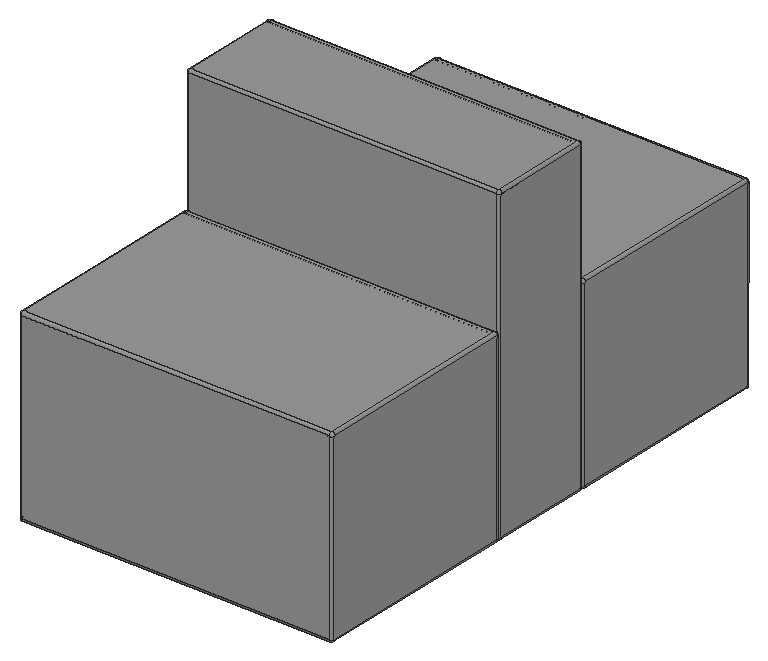
Revit family "TS1023 Elevate Wind Two Sided 1.5 Chair", category Generic Models, Revit 2018
Family settings
  Can host rebar = No
  Round Connector Dimension = Use Diameter
  Part Type = Normal
  Work Plane-Based = No
  Always vertical = Yes
  Cut with Voids When Loaded = No
  Shared = No
  Room Calculation Point = No
Parameters
  Seat Fabric = TS1023 Two Sided Lounge 1.5 Seat Fabric
  Back Fabric = TS1023 Two Sided Louge 1.5 Back Fabric
Reference planes (in)
  plane 1 "Center (Front/Back)": y = 0
  plane 2: z = 0
  plane 3 "Center (Left/Right)": x = 0
Forms (in)
  Sweep 1, solid, material "TS1023 Two Sided Louge 1.5 Back Fabric" <- "Back Fabric"
    path origin (0, 0, 0) x (0, 1, 0) y (0, 0, 1)
      loop
        line (4.73021, 29.75) -> (-4.73021, 29.75)
        arc (-4.73021, 29.75) -> (-4.7442, 29.7442) -> (-4.75, 29.73021) r 0.01979
        line (-4.75, 29.73021) -> (-4.75, 0.26979)
        arc (-4.75, 0.26979) -> (-4.7442, 0.2558) -> (-4.73021, 0.25) r 0.01979
        line (-4.73021, 0.25) -> (4.73021, 0.25)
        arc (4.73021, 0.25) -> (4.7442, 0.2558) -> (4.75, 0.26979) r 0.01979
        line (4.75, 0.26979) -> (4.75, 29.73021)
        arc (4.75, 29.73021) -> (4.7442, 29.7442) -> (4.73021, 29.75) r 0.01979
    profile origin (0, 0, 29.75) x (0, 0, -1) y (1, 0, 0)
      loop
        line (0, -15) -> (0, 15)
        arc (0, 15) -> (-0.17678, 14.92678) -> (-0.25, 14.75) r 0.25
        line (-0.25, 14.75) -> (-0.25, -14.75)
        arc (-0.25, -14.75) -> (-0.17678, -14.92678) -> (0, -15) r 0.25
  Extrusion 2, solid, material "TS1023 Two Sided Louge 1.5 Back Fabric" <- "Back Fabric"
    sketch origin (0, 0, 0) x (0, 1, 0) y (0, 0, 1)
      loop
        arc (4.73021, 0.25) -> (4.7442, 0.2558) -> (4.75, 0.26979) r 0.01979
        line (4.75, 0.26979) -> (4.75, 29.73021)
        arc (4.75, 29.73021) -> (4.7442, 29.7442) -> (4.73021, 29.75) r 0.01979
        line (4.73021, 29.75) -> (-4.73021, 29.75)
        arc (-4.73021, 29.75) -> (-4.7442, 29.7442) -> (-4.75, 29.73021) r 0.01979
        line (-4.75, 29.73021) -> (-4.75, 0.26979)
        arc (-4.75, 0.26979) -> (-4.7442, 0.2558) -> (-4.73021, 0.25) r 0.01979
        line (-4.73021, 0.25) -> (4.73021, 0.25)
    from -15 to 15
  Sweep 3, solid, material "TS1023 Two Sided Lounge 1.5 Seat Fabric" <- "Seat Fabric"
    path origin (0, -20, 0) x (0, 1, 0) y (0, 0, 1)
      loop
        line (14.73021, 17.75) -> (-4.73021, 17.75)
        arc (-4.73021, 17.75) -> (-4.7442, 17.7442) -> (-4.75, 17.73021) r 0.01979
        line (-4.75, 17.73021) -> (-4.75, 0.26979)
        arc (-4.75, 0.26979) -> (-4.7442, 0.2558) -> (-4.73021, 0.25) r 0.01979
        line (-4.73021, 0.25) -> (14.73021, 0.25)
        arc (14.73021, 0.25) -> (14.7442, 0.2558) -> (14.75, 0.26979) r 0.01979
        line (14.75, 0.26979) -> (14.75, 17.73021)
        arc (14.75, 17.73021) -> (14.7442, 17.7442) -> (14.73021, 17.75) r 0.01979
    profile origin (0, -15, 17.75) x (0, 0, -1) y (1, 0, 0)
      loop
        line (0, -15) -> (0, 15)
        arc (0, 15) -> (-0.17678, 14.92678) -> (-0.25, 14.75) r 0.25
        line (-0.25, 14.75) -> (-0.25, -14.75)
        arc (-0.25, -14.75) -> (-0.17678, -14.92678) -> (0, -15) r 0.25
  Extrusion 4, solid, material "TS1023 Two Sided Lounge 1.5 Seat Fabric" <- "Seat Fabric"
    sketch origin (0, -20, 0) x (0, 1, 0) y (0, 0, 1)
      loop
        arc (14.73021, 0.25) -> (14.7442, 0.2558) -> (14.75, 0.26979) r 0.01979
        line (14.75, 0.26979) -> (14.75, 17.73021)
        arc (14.75, 17.73021) -> (14.7442, 17.7442) -> (14.73021, 17.75) r 0.01979
        line (14.73021, 17.75) -> (-4.73021, 17.75)
        arc (-4.73021, 17.75) -> (-4.7442, 17.7442) -> (-4.75, 17.73021) r 0.01979
        line (-4.75, 17.73021) -> (-4.75, 0.26979)
        arc (-4.75, 0.26979) -> (-4.7442, 0.2558) -> (-4.73021, 0.25) r 0.01979
        line (-4.73021, 0.25) -> (14.73021, 0.25)
    from -15 to 15
  Sweep 5, solid, material "TS1023 Two Sided Lounge 1.5 Seat Fabric" <- "Seat Fabric"
    path origin (0, 10, 0) x (0, 1, 0) y (0, 0, 1)
      loop
        line (14.73021, 17.75) -> (-4.73021, 17.75)
        arc (-4.73021, 17.75) -> (-4.7442, 17.7442) -> (-4.75, 17.73021) r 0.01979
        line (-4.75, 17.73021) -> (-4.75, 0.26979)
        arc (-4.75, 0.26979) -> (-4.7442, 0.2558) -> (-4.73021, 0.25) r 0.01979
        line (-4.73021, 0.25) -> (14.73021, 0.25)
        arc (14.73021, 0.25) -> (14.7442, 0.2558) -> (14.75, 0.26979) r 0.01979
        line (14.75, 0.26979) -> (14.75, 17.73021)
        arc (14.75, 17.73021) -> (14.7442, 17.7442) -> (14.73021, 17.75) r 0.01979
    profile origin (0, 15, 17.75) x (0, 0, -1) y (1, 0, 0)
      loop
        line (0, -15) -> (0, 15)
        arc (0, 15) -> (-0.17678, 14.92678) -> (-0.25, 14.75) r 0.25
        line (-0.25, 14.75) -> (-0.25, -14.75)
        arc (-0.25, -14.75) -> (-0.17678, -14.92678) -> (0, -15) r 0.25
  Extrusion 6, solid, material "TS1023 Two Sided Lounge 1.5 Seat Fabric" <- "Seat Fabric"
    sketch origin (0, 10, 0) x (0, 1, 0) y (0, 0, 1)
      loop
        arc (14.73021, 0.25) -> (14.7442, 0.2558) -> (14.75, 0.26979) r 0.01979
        line (14.75, 0.26979) -> (14.75, 17.73021)
        arc (14.75, 17.73021) -> (14.7442, 17.7442) -> (14.73021, 17.75) r 0.01979
        line (14.73021, 17.75) -> (-4.73021, 17.75)
        arc (-4.73021, 17.75) -> (-4.7442, 17.7442) -> (-4.75, 17.73021) r 0.01979
        line (-4.75, 17.73021) -> (-4.75, 0.26979)
        arc (-4.75, 0.26979) -> (-4.7442, 0.2558) -> (-4.73021, 0.25) r 0.01979
        line (-4.73021, 0.25) -> (14.73021, 0.25)
    from -15 to 15
Dimensions and locks (in)
  aligned and locked: plane 2 to level
